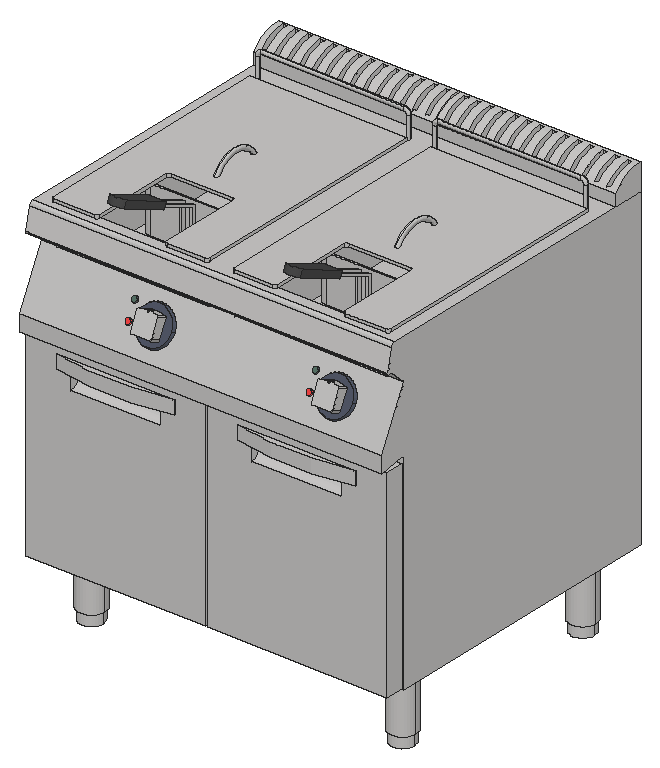
Revit family "QF_ZANUSSI_372078_Z7FREH2BF0", category Specialty Equipment, Revit 2018
Family settings
  Round Connector Dimension = Use Diameter
  Part Type = Normal
  Work Plane-Based = No
  Always vertical = Yes
  Cut with Voids When Loaded = No
  Shared = No
  Room Calculation Point = No
Parameters
  Width = 800 mm  # constant formula
  Weight in Pounds = 132  # constant formula
  Weight = 0.00 kg
  Watts = 10800 W  # constant formula
  Volts = 400 V  # constant formula
  URL Manufacturer = "http://www.zanussiprofessional.com"
  URL Cutsheet = "www.electrolux.com/foodservice"
  URL = "http://www.zanussiprofessional.com"
  Type Mark [instance] = ""
  Steam Supply Size = 0"
  Steam Supply Minimum Pressure = 0.00 psi
  Steam Supply Maximum Pressure = 0.00 psi
  Steam Pounds per Hour = 0
  Status [instance] = ""
  Specification by User [instance] = ""
  Specification by Manufacturer = ""
  Show Logo [instance] = yes
  Show Clearance [instance] = yes
  Serial Number = ""
  Seismic Rating = ""
  SMACNA No = ""
  Revision Code [instance] = ""
  Refrigeration Suction Line Size = 0"
  Refrigeration Liquid Line Size = 0"
  Refrigerant Compressor Remote = yes
  Phase = 3  # constant formula
  Omniclass Number and Title = ""
  Number of Poles [instance] = 1
  NAFEM Spec ID Number = ""
  Model = "Z7FREH2BF0"
  Min Ckt Ampacity = 0 A
  Max Overcurrent Protection = 0 A
  Masterspec = ""
  Manufacturer = "Zanussi"
  Length Actual = 800 mm  # constant formula
  Item Number [instance] = "372078"
  Installed By [instance] = ""
  Identify Quantity as Lot [instance] = yes
  Hot Water Size = 0"
  Height Actual = 850 mm  # constant formula
  Height = 333 mm  # constant formula
  HP = "14.5 HP"
  Gas Size = 0"
  Gas KW = 0
  Gas Input Pressure = 0.0 Btu/h
  Furnished By [instance] = ""
  Foodservice Equipment Identifier [instance] = yes
  FL Amps = if(Phase = 3, Watts / (Volts * 1.73), Watts / Volts)  # 15.6069 A
  Electrical Remarks [instance] = "400 V/3N ph/50/60 Hz"  # constant formula
  Electric Connection Type [instance] = ""
  Elec Conn RI Height [instance] = 0 mm
  Elec Conn Connection Height [instance] = 0 mm
  Direct Waste Size = 0"
  Description = "2X7 LITRE ELECTRIC FRYER 800 MM"
  Depth Actual = 700 mm  # constant formula
  Depth = 715 mm  # constant formula
  Cycle = if([60 Hertz Option], 60 Hz, 50 Hz)  # 60 Hz
  Conn Plug = ""
  Conn Conduit = yes
  Condensate Return Size = 0"
  Compressed Air Volume = 0 GPM
  Compressed Air Size = 0"
  Compressed Air Pressure = 0.00 psi
  Cold Water Size = 0"
  CSI MasterFormat = ""
  CSI Master Format = ""
  Base Height [instance] = 150 mm  # constant formula
  Apparent Power = if(Phase = 3, Volts * FL Amps * 1.73, Volts * FL Amps)  # 10800 VA
  Accessory = yes
  60 Hertz Option = not([50 Hertz Option])  # yes
  50 Hertz Option = no
Reference planes
  plane 1 "BACK": y = 0
  plane 2: z = 0
  plane 3 "LEFT": x = 0
  plane 4 "RIGHT": x = 800
  plane 5 "FRONT": y = -715
  plane 6 "TOP": z = 908
  plane 7 "Center Y": x = 400
  plane 8 "Center X": y = -357.5
  plane 9 "BASE": z = 600
  plane 10 "TOP A": z = 850
  plane 11: y = -597.884
  plane 12: y = -147.637
  plane 13: z = 938
  plane 14: z = 150
Forms (mm)
  Extrusion 1, solid, material "QF_Finishes_Stainless Steel"
    sketch origin (0, 0, 0) x (0, 1, 0) y (0, 0, 1)
      loop
        line (0, 850) -> (-679.358, 850)
        arc (-679.358, 850) -> (-684.643, 847.811) -> (-686.833, 842.526) r 7.474
        line (-686.833, 842.526) -> (-699.884, 797.011)
        arc (-699.884, 797.011) -> (-699.396, 794.379) -> (-697, 793.184) r 3
        line (-697, 793.184) -> (-686.802, 793.184) -> (-654.982, 761.364) -> (-715, 640.508) -> (-715, 605.508) -> (-658.645, 613.428)
        arc (-658.645, 613.428) -> (-656.101, 612.674) -> (-655, 610.259) r 3.2
        line (-655, 610.259) -> (-655, 150) -> (0, 150) -> (0, 850)
      loop
        line (-700, 600) -> (-700, 155) -> (-660, 155) -> (-660, 600) -> (-700, 600)
    from 0 to 800
  Extrusion 2, solid, material "QF_Finishes_Stainless Steel"
    sketch origin (0, 0, 0) x (0, 1, 0) y (0, 0, 1)
      loop
        line (0, 850) -> (0, 908)
        arc (0, 908) -> (-38.715, 899.821) -> (-69.85, 875.4) r 87.358
        line (-69.85, 875.4) -> (-69.85, 850) -> (0, 850)
    from 0 to 800
  Extrusion 3, void
    sketch origin (0, 0, 850) x (-1, 0, 0) y (0, -1, 0)
      loop
        line (-33.338, 147.762) -> (-33.338, 655.762) -> (-373.012, 655.762) -> (-373.012, 147.762) -> (-33.338, 147.762)
      loop
        line (-766.662, 655.762) -> (-766.662, 147.762) -> (-426.988, 147.762) -> (-426.988, 655.762) -> (-766.662, 655.762)
    from 0 to -152.4
  Extrusion 4, void
    sketch origin (0, 0, 850) x (-1, 0, 0) y (0, -1, 0)
      loop
        line (-13.453, 6.761) -> (-13.453, 63.911) -> (-22.749, 63.911) -> (-22.749, 6.761) -> (-13.453, 6.761)
    from 25.4 to 63.5
  Extrusion 5, solid, material "QF_Finishes_Clearance", visible <- "Show Clearance", detail levels coarse
    sketch origin (0, 0, 0) x (1, 0, 0) y (0, 1, 0)
      loop
        line (0, -715) -> (0, 0) -> (800, 0) -> (800, -715) -> (950.019, -715) -> (950.019, 150.019) -> (-150.019, 150.019) -> (-150.019, -715) -> (0, -715)
    from 0 to 908
  Extrusion 6, solid, material "QF_Finishes_Stainless Steel"
    sketch origin (-77.88, -4572, 850) x (-1, 0, 0) y (0, -1, 0)
      loop
        arc (-104.867, -3916.238) -> (-106.727, -3911.748) -> (-111.217, -3909.888) r 6.35
        line (-111.217, -3909.888) -> (-200.117, -3909.888)
        arc (-200.117, -3909.888) -> (-204.607, -3911.748) -> (-206.467, -3916.238) r 6.35
        line (-206.467, -3916.238) -> (-206.467, -4098.488)
        arc (-206.467, -4098.488) -> (-208.327, -4102.979) -> (-212.817, -4104.838) r 6.35
        line (-212.817, -4104.838) -> (-349.292, -4104.838)
        arc (-349.292, -4104.838) -> (-353.782, -4102.979) -> (-355.642, -4098.488) r 6.35
        line (-355.642, -4098.488) -> (-355.642, -3916.238)
        arc (-355.642, -3916.238) -> (-357.502, -3911.748) -> (-361.992, -3909.888) r 6.35
        line (-361.992, -3909.888) -> (-444.542, -3909.888)
        arc (-444.542, -3909.888) -> (-449.032, -3911.748) -> (-450.892, -3916.238) r 6.35
        line (-450.892, -3916.238) -> (-450.892, -4459.163) -> (-104.867, -4459.163) -> (-104.867, -3916.238)
      loop
        line (-850.892, -3916.238) -> (-850.892, -4459.163) -> (-504.867, -4459.163) -> (-504.867, -3916.238)
        arc (-504.867, -3916.238) -> (-506.727, -3911.748) -> (-511.217, -3909.888) r 6.35
        line (-511.217, -3909.888) -> (-593.767, -3909.888)
        arc (-593.767, -3909.888) -> (-598.257, -3911.748) -> (-600.117, -3916.238) r 6.35
        line (-600.117, -3916.238) -> (-600.117, -4098.488)
        arc (-600.117, -4098.488) -> (-601.977, -4102.979) -> (-606.467, -4104.838) r 6.35
        line (-606.467, -4104.838) -> (-742.942, -4104.838)
        arc (-742.942, -4104.838) -> (-747.432, -4102.979) -> (-749.292, -4098.488) r 6.35
        line (-749.292, -4098.488) -> (-749.292, -3916.238)
        arc (-749.292, -3916.238) -> (-751.152, -3911.748) -> (-755.642, -3909.888) r 6.35
        line (-755.642, -3909.888) -> (-844.542, -3909.888)
        arc (-844.542, -3909.888) -> (-849.032, -3911.748) -> (-850.892, -3916.238) r 6.35
    from 0 to 6.35
  Sweep 7, solid, material "QF_Finishes_Stainless Steel"
    path origin (0, 36.513, 0) x (1, 0, 0) y (0, 0, 1)
      loop
        line (39.688, 850) -> (39.688, 898.475)
        arc (39.688, 898.475) -> (41.547, 902.965) -> (46.038, 904.825) r 6.35
        line (46.038, 904.825) -> (362.669, 904.825)
        arc (362.669, 904.825) -> (367.16, 902.965) -> (369.019, 898.475) r 6.35
        line (369.019, 898.475) -> (369.019, 850)
    profile origin (39.688, 36.513, 874.238) x (-1, 0, 0) y (0, -1, 0)
      loop
        circle (2.09, 140.754) r 3.827
  Extrusion 8, solid, material "QF_Finishes_Black"
    sketch origin (271.462, -708.83, 942.26) x (0, 0.906308, -0.422618) y (-1, 0, 0)
      loop
        line (10.103, 47.37) -> (128.716, 47.37) -> (128.716, 84.605) -> (10.103, 84.605)
        arc (10.103, 84.605) -> (-0.124, 65.987) -> (10.103, 47.37) r 22.059
    from -15.884 to 0
  Extrusion 9, solid, material "QF_Finishes_Stainless Steel"
    sketch origin (271.463, 41.275, 0) x (0, 1, 0) y (0, 0, 1)
      loop
        line (-547.91, 741) -> (-547.91, 842.478) -> (-635.463, 883.305) -> (-638.147, 877.55) -> (-554.26, 838.433) -> (-554.26, 741) -> (-547.91, 741)
    from -80.476 to -74.619
  Extrusion 10, solid, material "QF_Finishes_Stainless Steel"
    sketch origin (139.588, 41.275, 0) x (0, 1, 0) y (0, 0, -1)
      loop
        line (-554.26, -838.433) -> (-638.147, -877.55) -> (-635.463, -883.305) -> (-547.91, -842.478) -> (-547.91, -741) -> (-554.26, -741) -> (-554.26, -838.433)
    from -80.476 to -74.619
  Sweep 11, solid, material "QF_Finishes_Stainless Steel"
    path origin (200.025, -0.124, 0) x (0, 1, 0) y (0, 0, 1)
      loop
        arc (-315.761, 850) -> (-370.2, 883.779) -> (-424.639, 850) r 60.757
    profile origin (200.025, -370.324, 883.779) x (0, 0, -1) y (1, 0, 0)
      loop
        circle (0, 0) r 4.353
  Sweep 12, solid, material "QF_Finishes_Stainless Steel"
    path origin (600.075, -0.124, 0) x (0, 1, 0) y (0, 0, -1)
      loop
        arc (-315.761, -850) -> (-370.2, -883.779) -> (-424.639, -850) r 60.757
    profile origin (600.075, -370.324, 883.779) x (0, 0, 1) y (-1, 0, 0)
      loop
        circle (0, 0) r 4.353
  Extrusion 13, solid, material "QF_Finishes_Black"
    sketch origin (528.637, -708.83, 942.26) x (0, 0.906308, -0.422618) y (-1, 0, 0)
      loop
        arc (10.103, -47.27) -> (-0.124, -65.887) -> (10.103, -84.505) r 22.059
        line (10.103, -84.505) -> (128.716, -84.505) -> (128.716, -47.27) -> (10.103, -47.27)
    from -15.884 to 0
  Extrusion 14, solid, material "QF_Finishes_Mesh"
    sketch origin (0, 0, 850) x (-1, 0, 0) y (0, -1, 0)
      loop
        arc (-116.625, 189.135) -> (-98.665, 196.575) -> (-91.225, 214.535) r 25.4
        line (-91.225, 214.535) -> (-91.225, 473.61)
        arc (-91.225, 473.61) -> (-98.665, 491.571) -> (-116.625, 499.01) r 25.4
        line (-116.625, 499.01) -> (-294.375, 499.01)
        arc (-294.375, 499.01) -> (-312.336, 491.571) -> (-319.775, 473.61) r 25.4
        line (-319.775, 473.61) -> (-319.775, 214.535)
        arc (-319.775, 214.535) -> (-312.336, 196.575) -> (-294.375, 189.135) r 25.4
        line (-294.375, 189.135) -> (-116.625, 189.135)
      loop
        arc (-116.625, 192.31) -> (-100.91, 198.82) -> (-94.4, 214.535) r 22.225
        line (-94.4, 214.535) -> (-94.4, 473.61)
        arc (-94.4, 473.61) -> (-100.91, 489.326) -> (-116.625, 495.835) r 22.225
        line (-116.625, 495.835) -> (-294.375, 495.835)
        arc (-294.375, 495.835) -> (-310.091, 489.326) -> (-316.6, 473.61) r 22.225
        line (-316.6, 473.61) -> (-316.6, 214.535)
        arc (-316.6, 214.535) -> (-310.091, 198.82) -> (-294.375, 192.31) r 22.225
        line (-294.375, 192.31) -> (-116.625, 192.31)
      loop
        line (-683.375, 189.135) -> (-505.625, 189.135)
        arc (-505.625, 189.135) -> (-487.664, 196.575) -> (-480.225, 214.535) r 25.4
        line (-480.225, 214.535) -> (-480.225, 473.61)
        arc (-480.225, 473.61) -> (-487.664, 491.571) -> (-505.625, 499.01) r 25.4
        line (-505.625, 499.01) -> (-683.375, 499.01)
        arc (-683.375, 499.01) -> (-701.335, 491.571) -> (-708.775, 473.61) r 25.4
        line (-708.775, 473.61) -> (-708.775, 214.535)
        arc (-708.775, 214.535) -> (-701.335, 196.575) -> (-683.375, 189.135) r 25.4
      loop
        line (-683.375, 192.31) -> (-505.625, 192.31)
        arc (-505.625, 192.31) -> (-489.909, 198.82) -> (-483.4, 214.535) r 22.225
        line (-483.4, 214.535) -> (-483.4, 473.61)
        arc (-483.4, 473.61) -> (-489.909, 489.326) -> (-505.625, 495.835) r 22.225
        line (-505.625, 495.835) -> (-683.375, 495.835)
        arc (-683.375, 495.835) -> (-699.09, 489.326) -> (-705.6, 473.61) r 22.225
        line (-705.6, 473.61) -> (-705.6, 214.535)
        arc (-705.6, 214.535) -> (-699.09, 198.82) -> (-683.375, 192.31) r 22.225
    from -109 to -5.315
  Extrusion 15, solid, material "QF_Finishes_Stainless Steel"
    sketch origin (528.637, 41.275, 0) x (0, 1, 0) y (0, 0, -1)
      loop
        line (-547.91, -741) -> (-554.26, -741) -> (-554.26, -838.433) -> (-638.147, -877.55) -> (-635.463, -883.305) -> (-547.91, -842.478) -> (-547.91, -741)
    from -80.476 to -74.619
  Extrusion 16, solid, material "QF_Finishes_Stainless Steel"
    sketch origin (660.512, 41.275, 0) x (0, 1, 0) y (0, 0, 1)
      loop
        line (-554.26, 838.433) -> (-554.26, 741) -> (-547.91, 741) -> (-547.91, 842.478) -> (-635.463, 883.305) -> (-638.147, 877.55) -> (-554.26, 838.433)
    from -80.476 to -74.619
  Sweep 17, solid, material "QF_Finishes_Stainless Steel"
    path origin (800.1, 36.513, 0) x (-1, 0, 0) y (0, 0, -1)
      loop
        line (39.788, -850) -> (39.788, -898.475)
        arc (39.788, -898.475) -> (41.647, -902.965) -> (46.138, -904.825) r 6.35
        line (46.138, -904.825) -> (362.769, -904.825)
        arc (362.769, -904.825) -> (367.26, -902.965) -> (369.119, -898.475) r 6.35
        line (369.119, -898.475) -> (369.119, -850)
    profile origin (760.312, 36.513, 874.238) x (-1, 0, 0) y (0, -1, 0)
      loop
        circle (-2.09, 140.754) r 3.827
  Extrusion 18, void
    sketch origin (361.95, 0, 850) x (-1, 0, 0) y (0, -1, 0)
      loop
        line (-13.403, 6.761) -> (-13.403, 63.911) -> (-22.699, 63.911) -> (-22.699, 6.761) -> (-13.403, 6.761)
    from 25.4 to 63.5
  Extrusion 19, void
    sketch origin (27.842, 0, 850) x (-1, 0, 0) y (0, -1, 0)
      loop
        line (-13.453, 6.761) -> (-13.453, 63.911) -> (-22.749, 63.911) -> (-22.749, 6.761) -> (-13.453, 6.761)
    from 25.4 to 63.5
  Extrusion 20, void
    sketch origin (55.685, 0, 850) x (-1, 0, 0) y (0, -1, 0)
      loop
        line (-13.453, 6.761) -> (-13.453, 63.911) -> (-22.749, 63.911) -> (-22.749, 6.761) -> (-13.453, 6.761)
    from 25.4 to 63.5
  Extrusion 21, void
    sketch origin (83.527, 0, 850) x (-1, 0, 0) y (0, -1, 0)
      loop
        line (-13.453, 6.761) -> (-13.453, 63.911) -> (-22.749, 63.911) -> (-22.749, 6.761) -> (-13.453, 6.761)
    from 25.4 to 63.5
  Extrusion 22, void
    sketch origin (111.369, 0, 850) x (-1, 0, 0) y (0, -1, 0)
      loop
        line (-13.453, 6.761) -> (-13.453, 63.911) -> (-22.749, 63.911) -> (-22.749, 6.761) -> (-13.453, 6.761)
    from 25.4 to 63.5
  Extrusion 23, void
    sketch origin (139.212, 0, 850) x (-1, 0, 0) y (0, -1, 0)
      loop
        line (-13.453, 6.761) -> (-13.453, 63.911) -> (-22.749, 63.911) -> (-22.749, 6.761) -> (-13.453, 6.761)
    from 25.4 to 63.5
  Extrusion 24, void
    sketch origin (167.054, 0, 850) x (-1, 0, 0) y (0, -1, 0)
      loop
        line (-13.453, 6.761) -> (-13.453, 63.911) -> (-22.749, 63.911) -> (-22.749, 6.761) -> (-13.453, 6.761)
    from 25.4 to 63.5
  Extrusion 25, void
    sketch origin (194.896, 0, 850) x (-1, 0, 0) y (0, -1, 0)
      loop
        line (-13.403, 6.761) -> (-13.403, 63.911) -> (-22.699, 63.911) -> (-22.699, 6.761) -> (-13.403, 6.761)
    from 25.4 to 63.5
  Extrusion 26, void
    sketch origin (222.738, 0, 850) x (-1, 0, 0) y (0, -1, 0)
      loop
        line (-13.403, 6.761) -> (-13.403, 63.911) -> (-22.699, 63.911) -> (-22.699, 6.761) -> (-13.403, 6.761)
    from 25.4 to 63.5
  Extrusion 27, void
    sketch origin (250.581, 0, 850) x (-1, 0, 0) y (0, -1, 0)
      loop
        line (-13.403, 6.761) -> (-13.403, 63.911) -> (-22.699, 63.911) -> (-22.699, 6.761) -> (-13.403, 6.761)
    from 25.4 to 63.5
  Extrusion 28, void
    sketch origin (278.423, 0, 850) x (-1, 0, 0) y (0, -1, 0)
      loop
        line (-13.403, 6.761) -> (-13.403, 63.911) -> (-22.699, 63.911) -> (-22.699, 6.761) -> (-13.403, 6.761)
    from 25.4 to 63.5
  Extrusion 29, void
    sketch origin (306.265, 0, 850) x (-1, 0, 0) y (0, -1, 0)
      loop
        line (-13.403, 6.761) -> (-13.403, 63.911) -> (-22.699, 63.911) -> (-22.699, 6.761) -> (-13.403, 6.761)
    from 25.4 to 63.5
  Extrusion 30, void
    sketch origin (334.108, 0, 850) x (-1, 0, 0) y (0, -1, 0)
      loop
        line (-13.403, 6.761) -> (-13.403, 63.911) -> (-22.699, 63.911) -> (-22.699, 6.761) -> (-13.403, 6.761)
    from 25.4 to 63.5
  Extrusion 31, void
    sketch origin (800.1, 0, 850) x (1, 0, 0) y (0, 1, 0)
      loop
        line (-13.553, -6.761) -> (-22.849, -6.761) -> (-22.849, -63.911) -> (-13.553, -63.911) -> (-13.553, -6.761)
    from 25.4 to 63.5
  Extrusion 32, void
    sketch origin (438.15, 0, 850) x (1, 0, 0) y (0, 1, 0)
      loop
        line (-13.503, -6.761) -> (-22.799, -6.761) -> (-22.799, -63.911) -> (-13.503, -63.911) -> (-13.503, -6.761)
    from 25.4 to 63.5
  Extrusion 33, void
    sketch origin (772.258, 0, 850) x (1, 0, 0) y (0, 1, 0)
      loop
        line (-13.553, -6.761) -> (-22.849, -6.761) -> (-22.849, -63.911) -> (-13.553, -63.911) -> (-13.553, -6.761)
    from 25.4 to 63.5
  Extrusion 34, void
    sketch origin (744.415, 0, 850) x (1, 0, 0) y (0, 1, 0)
      loop
        line (-13.553, -6.761) -> (-22.849, -6.761) -> (-22.849, -63.911) -> (-13.553, -63.911) -> (-13.553, -6.761)
    from 25.4 to 63.5
  Extrusion 35, void
    sketch origin (716.573, 0, 850) x (1, 0, 0) y (0, 1, 0)
      loop
        line (-13.553, -6.761) -> (-22.849, -6.761) -> (-22.849, -63.911) -> (-13.553, -63.911) -> (-13.553, -6.761)
    from 25.4 to 63.5
  Extrusion 36, void
    sketch origin (688.731, 0, 850) x (1, 0, 0) y (0, 1, 0)
      loop
        line (-13.553, -6.761) -> (-22.849, -6.761) -> (-22.849, -63.911) -> (-13.553, -63.911) -> (-13.553, -6.761)
    from 25.4 to 63.5
  Extrusion 37, void
    sketch origin (660.888, 0, 850) x (1, 0, 0) y (0, 1, 0)
      loop
        line (-13.553, -6.761) -> (-22.849, -6.761) -> (-22.849, -63.911) -> (-13.553, -63.911) -> (-13.553, -6.761)
    from 25.4 to 63.5
  Extrusion 38, void
    sketch origin (633.046, 0, 850) x (1, 0, 0) y (0, 1, 0)
      loop
        line (-13.553, -6.761) -> (-22.849, -6.761) -> (-22.849, -63.911) -> (-13.553, -63.911) -> (-13.553, -6.761)
    from 25.4 to 63.5
  Extrusion 39, void
    sketch origin (605.204, 0, 850) x (1, 0, 0) y (0, 1, 0)
      loop
        line (-13.503, -6.761) -> (-22.799, -6.761) -> (-22.799, -63.911) -> (-13.503, -63.911) -> (-13.503, -6.761)
    from 25.4 to 63.5
  Extrusion 40, void
    sketch origin (577.362, 0, 850) x (1, 0, 0) y (0, 1, 0)
      loop
        line (-13.503, -6.761) -> (-22.799, -6.761) -> (-22.799, -63.911) -> (-13.503, -63.911) -> (-13.503, -6.761)
    from 25.4 to 63.5
  Extrusion 41, void
    sketch origin (549.519, 0, 850) x (1, 0, 0) y (0, 1, 0)
      loop
        line (-13.503, -6.761) -> (-22.799, -6.761) -> (-22.799, -63.911) -> (-13.503, -63.911) -> (-13.503, -6.761)
    from 25.4 to 63.5
  Extrusion 42, void
    sketch origin (521.677, 0, 850) x (1, 0, 0) y (0, 1, 0)
      loop
        line (-13.503, -6.761) -> (-22.799, -6.761) -> (-22.799, -63.911) -> (-13.503, -63.911) -> (-13.503, -6.761)
    from 25.4 to 63.5
  Extrusion 43, void
    sketch origin (493.835, 0, 850) x (1, 0, 0) y (0, 1, 0)
      loop
        line (-13.503, -6.761) -> (-22.799, -6.761) -> (-22.799, -63.911) -> (-13.503, -63.911) -> (-13.503, -6.761)
    from 25.4 to 63.5
  Extrusion 44, void
    sketch origin (465.992, 0, 850) x (1, 0, 0) y (0, 1, 0)
      loop
        line (-13.503, -6.761) -> (-22.799, -6.761) -> (-22.799, -63.911) -> (-13.503, -63.911) -> (-13.503, -6.761)
    from 25.4 to 63.5
  Extrusion 45, void
    sketch origin (418.151, 0, 850) x (1, 0, 0) y (0, 1, 0)
      loop
        line (-16.563, 0) -> (-19.738, 0) -> (-19.738, -69.85) -> (-16.563, -69.85) -> (-16.563, 0)
    from 25.4 to 63.5
  Revolve 46, solid, material "QF_Finishes_Stainless Steel"
    sketch origin (0, -587.387, 608.09) x (0, 0, 1) y (-1, 0, 0)
      loop
        line (-608.09, -56) -> (-458.09, -56) -> (-458.09, -26) -> (-583.09, -26) -> (-583.09, -29.75) -> (-608.09, -29.75) -> (-608.09, -56)
      axis (-608.09, -56) -> (-458.09, -56)
    angle from 0 to 360
  Revolve 47, solid, material "QF_Finishes_Stainless Steel"
    sketch origin (0, -90, 608.09) x (0, 0, 1) y (-1, 0, 0)
      loop
        line (-608.09, -56) -> (-458.09, -56) -> (-458.09, -26) -> (-583.09, -26) -> (-583.09, -29.75) -> (-608.09, -29.75) -> (-608.09, -56)
      axis (-608.09, -56) -> (-458.09, -56)
    angle from 0 to 360
  Revolve 48, solid, material "QF_Finishes_Stainless Steel"
    sketch origin (800.1, -587.387, 608.09) x (0, 0, 1) y (-1, 0, 0)
      loop
        line (-608.09, 56.1) -> (-608.09, 29.85) -> (-583.09, 29.85) -> (-583.09, 26.1) -> (-458.09, 26.1) -> (-458.09, 56.1) -> (-608.09, 56.1)
      axis (-608.09, 56.1) -> (-458.09, 56.1)
    angle from 0 to 360
  Revolve 49, solid, material "QF_Finishes_Stainless Steel"
    sketch origin (800.1, -90, 608.09) x (0, 0, 1) y (-1, 0, 0)
      loop
        line (-608.09, 56.1) -> (-608.09, 29.85) -> (-583.09, 29.85) -> (-583.09, 26.1) -> (-458.09, 26.1) -> (-458.09, 56.1) -> (-608.09, 56.1)
      axis (-608.09, 56.1) -> (-458.09, 56.1)
    angle from 0 to 360
  Extrusion 50, solid, material "QF_Finishes_Stainless Steel"
    sketch origin (-77.88, -4572, 600) x (-1, 0, 0) y (0, -1, 0)
      loop
        circle (-821.88, -4067) r 12.7
    from 0 to -12.7
  Extrusion 51, void
    sketch origin (200, -27.863, 0) x (0, 1, 0) y (0, 0, 1)
      loop
        line (-672.137, 567) -> (-672.137, 517)
        arc (-672.137, 517) -> (-656.47, 524.721) -> (-650.137, 541) r 24.091
        line (-650.137, 541) -> (-650.137, 567) -> (-672.137, 567)
    from -100 to 100
  Extrusion 52, solid, material "QF_Finishes_Stainless Steel"
    sketch origin (-77.88, -4572, 150) x (-1, 0, 0) y (0, -1, 0)
      loop
        arc (-147.606, -3871.085) -> (-277.88, -3857) -> (-408.153, -3871.085) r 609.497
        line (-408.153, -3871.085) -> (-408.153, -3872) -> (-147.606, -3872) -> (-147.606, -3871.085)
    from 400 to 430
  Extrusion 53, void
    sketch origin (600, -27.863, 0) x (0, 1, 0) y (0, 0, 1)
      loop
        line (-672.137, 567) -> (-672.137, 517)
        arc (-672.137, 517) -> (-656.47, 524.721) -> (-650.137, 541) r 24.091
        line (-650.137, 541) -> (-650.137, 567) -> (-672.137, 567)
    from -100 to 100
  Extrusion 54, solid, material "QF_Finishes_Stainless Steel"
    sketch origin (322.12, -4572, 150) x (-1, 0, 0) y (0, -1, 0)
      loop
        arc (-147.606, -3871.085) -> (-277.88, -3857) -> (-408.153, -3871.085) r 609.497
        line (-408.153, -3871.085) -> (-408.153, -3872) -> (-147.606, -3872) -> (-147.606, -3871.085)
    from 400 to 430
  Extrusion 55, solid, material "QF_Finishes_Door Clearance", visible <- "Show Clearance", detail levels coarse
    sketch origin (0, 0, 850) x (-1, 0, 0) y (0, -1, 0)
      loop
        arc (0, 1073) -> (-280.596, 964.46) -> (-397.87, 687.4) r 385.701
        line (-397.87, 687.4) -> (0, 687.4) -> (0, 1073)
      loop
        line (-800, 1073) -> (-800, 687.4) -> (-402.13, 687.4)
        arc (-402.13, 687.4) -> (-519.404, 964.46) -> (-800, 1073) r 385.701
    from -695 to -250
  Blend 56, solid, material "QF_Finishes_Navy Blue"
    base sketch origin (675, -684.991, 700.936) x (1, 0, 0) y (0, 0.444781, 0.895639)
      loop
        circle (0, 0) r 42.5
    top sketch origin (675, -684.991, 700.936) x (1, 0, 0) y (0, 0.444781, 0.895639)
      loop
        circle (0, 0) r 40.5
    from 0 to 5
  Extrusion 57, solid, material "QF_Finishes_Stainless Steel"
    sketch origin (675, -684.991, 700.936) x (1, 0, 0) y (0, 0.444781, 0.895639)
      loop
        arc (-21.147, 22.789) -> (-22.494, 21.685) -> (-23, 20.019) r 2.997
        line (-23, 20.019) -> (-23, -20.019)
        arc (-23, -20.019) -> (-22.122, -22.138) -> (-20.003, -23.016) r 2.997
        line (-20.003, -23.016) -> (20.003, -23.016)
        arc (20.003, -23.016) -> (22.122, -22.138) -> (23, -20.019) r 2.997
        line (23, -20.019) -> (23, 20.019)
        arc (23, 20.019) -> (22.494, 21.685) -> (21.147, 22.789) r 2.997
        arc (21.147, 22.789) -> (0, 26.984) -> (-21.147, 22.789) r 55.4
    from 10 to 34
  Extrusion 58, solid, material "QF_Finishes_Stainless Steel"
    sketch origin (675, -684.991, 700.936) x (1, 0, 0) y (0, 0.444781, 0.895639)
      loop
        line (17.5, 17.5) -> (-17.5, 17.5) -> (-17.5, -17.5) -> (17.5, -17.5) -> (17.5, 17.5)
    from 5 to 10
  Extrusion 59, solid, material "QF_Plastic-Black-Matte"
    sketch origin (595, -684.991, 700.936) x (0, 0.444781, 0.895639) y (0, 0.895639, -0.444781)
      loop
        line (26.984, -34) -> (23.984, -34) -> (23.984, -35) -> (26.984, -35)
        arc (26.984, -35) -> (27.691, -34.707) -> (27.984, -34) r 1
        line (27.984, -34) -> (27.984, -19) -> (26.984, -19) -> (26.984, -34)
    from -81 to -79
  Extrusion 60, solid, material "QF_Finishes_Red"
    sketch origin (675, -689.439, 691.98) x (1, 0, 0) y (0, 0.444781, 0.895639)
      loop
        circle (-55.001, 0) r 6
    from 0 to 1.6
  Extrusion 61, solid, material "QF_Finishes_DarkGreen"
    sketch origin (675, -671.648, 727.805) x (1, 0, 0) y (0, 0.444781, 0.895639)
      loop
        circle (-55.001, 0) r 6
    from 0 to 1.6
  Blend 62, solid, material "QF_Finishes_Navy Blue"
    base sketch origin (275, -684.991, 700.936) x (1, 0, 0) y (0, 0.444781, 0.895639)
      loop
        circle (0, 0) r 42.5
    top sketch origin (275, -684.991, 700.936) x (1, 0, 0) y (0, 0.444781, 0.895639)
      loop
        circle (0, 0) r 40.5
    from 0 to 5
  Extrusion 63, solid, material "QF_Finishes_Stainless Steel"
    sketch origin (275, -684.991, 700.936) x (1, 0, 0) y (0, 0.444781, 0.895639)
      loop
        arc (-21.147, 22.789) -> (-22.494, 21.685) -> (-23, 20.019) r 2.997
        line (-23, 20.019) -> (-23, -20.019)
        arc (-23, -20.019) -> (-22.122, -22.138) -> (-20.003, -23.016) r 2.997
        line (-20.003, -23.016) -> (20.003, -23.016)
        arc (20.003, -23.016) -> (22.122, -22.138) -> (23, -20.019) r 2.997
        line (23, -20.019) -> (23, 20.019)
        arc (23, 20.019) -> (22.494, 21.685) -> (21.147, 22.789) r 2.997
        arc (21.147, 22.789) -> (0, 26.984) -> (-21.147, 22.789) r 55.4
    from 10 to 34
  Extrusion 64, solid, material "QF_Finishes_Stainless Steel"
    sketch origin (275, -684.991, 700.936) x (1, 0, 0) y (0, 0.444781, 0.895639)
      loop
        line (17.5, 17.5) -> (-17.5, 17.5) -> (-17.5, -17.5) -> (17.5, -17.5) -> (17.5, 17.5)
    from 5 to 10
  Extrusion 65, solid, material "QF_Plastic-Black-Matte"
    sketch origin (195, -684.991, 700.936) x (0, 0.444781, 0.895639) y (0, 0.895639, -0.444781)
      loop
        line (26.984, -34) -> (23.984, -34) -> (23.984, -35) -> (26.984, -35)
        arc (26.984, -35) -> (27.691, -34.707) -> (27.984, -34) r 1
        line (27.984, -34) -> (27.984, -19) -> (26.984, -19) -> (26.984, -34)
    from -81 to -79
  Extrusion 66, solid, material "QF_Finishes_Red"
    sketch origin (275, -689.439, 691.98) x (1, 0, 0) y (0, 0.444781, 0.895639)
      loop
        circle (-55.001, 0) r 6
    from 0 to 1.6
  Extrusion 67, solid, material "QF_Finishes_DarkGreen"
    sketch origin (275, -671.648, 727.805) x (1, 0, 0) y (0, 0.444781, 0.895639)
      loop
        circle (-55.001, 0) r 6
    from 0 to 1.6
  Extrusion 68, void
    sketch origin (0, -660.4, 150) x (0, 0, 1) y (-1, 0, 0)
      loop
        line (450, -397.87) -> (5, -397.87) -> (5, -402.13) -> (450, -402.13) -> (450, -397.87)
    from -0.4 to 39.6
Cuts and joins
  Extrusion 3, Extrusion 4, Extrusion 51, Extrusion 53, Extrusion 68 cuts Extrusion 1
  Extrusion 4, Extrusion 18, Extrusion 19, Extrusion 20, Extrusion 21, Extrusion 22, Extrusion 23, Extrusion 24, Extrusion 25, Extrusion 26, Extrusion 27, Extrusion 28, Extrusion 29, Extrusion 30, Extrusion 31, Extrusion 32, Extrusion 33, Extrusion 34, Extrusion 35, Extrusion 36, Extrusion 37, Extrusion 38, Extrusion 39, Extrusion 40, Extrusion 41, Extrusion 42, Extrusion 43, Extrusion 44, Extrusion 45 cuts Extrusion 2
  joined: Extrusion 6, Sweep 11, Sweep 12
  Extrusion 18, Extrusion 19, Extrusion 20, Extrusion 21, Extrusion 22, Extrusion 23, Extrusion 24, Extrusion 25, Extrusion 26, Extrusion 27, Extrusion 28, Extrusion 29, Extrusion 30, Extrusion 31, Extrusion 32, Extrusion 33, Extrusion 34, Extrusion 35, Extrusion 36, Extrusion 37, Extrusion 38, Extrusion 39, Extrusion 40, Extrusion 41, Extrusion 42, Extrusion 43, Extrusion 44, Extrusion 45 cuts Extrusion 5
  Extrusion 68 cuts Extrusion 55
Lines and regions (mm)
  Split face 1
    outline origin (676.664, -684.796, 712.57) x (1, 0, 0) y (0, 0.444781, 0.895639)
      loop
        circle (-34, 0) r 1.5
  Split face 2
    outline origin (673.297, -687.581, 706.962) x (1, 0, 0) y (0, 0.444781, 0.895639)
      loop
        circle (-30.633, -14.752) r 1.5
  Split face 3
    outline origin (676.214, -689.88, 702.332) x (1, 0, 0) y (0, 0.444781, 0.895639)
      loop
        circle (-21.199, -26.582) r 1.5
  Split face 4
    outline origin (682.566, -689.848, 702.397) x (1, 0, 0) y (0, 0.444781, 0.895639)
      loop
        circle (-7.566, -33.148) r 1.5
  Split face 5
    outline origin (687.419, -686.96, 708.212) x (1, 0, 0) y (0, 0.444781, 0.895639)
      loop
        circle (7.566, -33.148) r 1.5
  Split face 6
    outline origin (686.137, -682.319, 717.558) x (1, 0, 0) y (0, 0.444781, 0.895639)
      loop
        circle (21.199, -26.582) r 1.5
  Split face 7
    outline origin (676.703, -678.235, 725.783) x (1, 0, 0) y (0, 0.444781, 0.895639)
      loop
        circle (30.633, -14.752) r 1.5
  Split face 8
    outline origin (660.985, -677.235, 727.796) x (1, 0, 0) y (0, 0.444781, 0.895639)
      loop
        circle (34, 0) r 1.5
  Split face 9
    outline origin (675, -689.469, 703.16) x (1, 0, 0) y (0, 0.444781, 0.895639)
      loop
        circle (0, 34) r 1.5
  Split face 10
    outline origin (276.664, -684.796, 712.57) x (1, 0, 0) y (0, 0.444781, 0.895639)
      loop
        circle (-34, 0) r 1.5
  Split face 11
    outline origin (273.297, -687.581, 706.962) x (1, 0, 0) y (0, 0.444781, 0.895639)
      loop
        circle (-30.633, -14.752) r 1.5
  Split face 12
    outline origin (276.214, -689.88, 702.332) x (1, 0, 0) y (0, 0.444781, 0.895639)
      loop
        circle (-21.199, -26.582) r 1.5
  Split face 13
    outline origin (282.566, -689.848, 702.397) x (1, 0, 0) y (0, 0.444781, 0.895639)
      loop
        circle (-7.566, -33.148) r 1.5
  Split face 14
    outline origin (287.419, -686.96, 708.212) x (1, 0, 0) y (0, 0.444781, 0.895639)
      loop
        circle (7.566, -33.148) r 1.5
  Split face 15
    outline origin (286.137, -682.319, 717.558) x (1, 0, 0) y (0, 0.444781, 0.895639)
      loop
        circle (21.199, -26.582) r 1.5
  Split face 16
    outline origin (276.703, -678.235, 725.783) x (1, 0, 0) y (0, 0.444781, 0.895639)
      loop
        circle (30.633, -14.752) r 1.5
  Split face 17
    outline origin (260.985, -677.235, 727.796) x (1, 0, 0) y (0, 0.444781, 0.895639)
      loop
        circle (34, 0) r 1.5
  Split face 18
    outline origin (275, -689.469, 703.16) x (1, 0, 0) y (0, 0.444781, 0.895639)
      loop
        circle (0, 34) r 1.5
  symbolic lines, style "QF-Clearances", visible <- "Show Clearance", detail levels coarse
    curve 1: line (-150.019, 150.019, 850) -> (-150.019, -716.377, 850)
    curve 2: line (950.019, 150.019, 850) -> (-150.019, 150.019, 850)
    curve 3: line (950.019, -716.377, 850) -> (950.019, 150.019, 850)
  symbolic lines
    curve 4: line (0, 0, 850) -> (800, 0, 850)
    curve 5: line (0, -715, 850) -> (0, 0, 850)
    curve 6: line (800, 0, 850) -> (800, -715, 850)
    curve 7: line (22.699, -6.761, 850) -> (22.699, -63.911, 850)
    curve 8: line (13.403, -63.911, 850) -> (13.403, -6.761, 850)
    curve 9: line (13.403, -6.761, 850) -> (22.699, -6.761, 850)
    curve 10: line (26.988, -112.837, 850) -> (26.988, -655.762, 850)
    curve 11: arc (26.988, -655.762, 850) -> (28.847, -660.252, 850) -> (33.338, -662.112, 850) r 6.35
    curve 12: line (33.338, -662.112, 850) -> (122.188, -662.112, 850)
    curve 13: arc (122.188, -662.112, 850) -> (126.678, -660.252, 850) -> (128.538, -655.762, 850) r 6.35
    curve 14: line (128.538, -655.762, 850) -> (128.538, -473.512, 850)
    curve 15: arc (128.538, -473.512, 850) -> (130.397, -469.021, 850) -> (134.888, -467.162, 850) r 6.35
    curve 16: line (134.888, -467.162, 850) -> (271.412, -467.162, 850)
    curve 17: arc (271.412, -467.162, 850) -> (275.903, -469.021, 850) -> (277.762, -473.512, 850) r 6.35
    curve 18: line (277.762, -473.512, 850) -> (277.762, -655.762, 850)
    curve 19: arc (277.762, -655.762, 850) -> (279.622, -660.252, 850) -> (284.112, -662.112, 850) r 6.35
    curve 20: line (284.112, -662.112, 850) -> (366.662, -662.112, 850)
    curve 21: arc (366.662, -662.112, 850) -> (371.153, -660.252, 850) -> (373.012, -655.762, 850) r 6.35
    curve 22: line (373.012, -655.762, 850) -> (373.012, -112.837, 850)
    curve 23: line (373.012, -112.837, 850) -> (26.988, -112.837, 850)
    curve 24: line (0, -69.85, 850) -> (398.412, -69.85, 850)
    curve 25: line (224.093, -706.386, 850) -> (224.093, -592.174, 850)
    curve 26: line (224.093, -592.174, 850) -> (186.858, -592.174, 850)
    curve 27: line (186.858, -592.174, 850) -> (186.858, -706.386, 850)
    curve 28: spline (224.093, -706.386, 850) -> (221.86, -709.048, 850) -> (219.17, -711.336, 850) -> (216.096, -713.185, 850) -> (212.725, -714.544, 850) -> (209.152, -715.375, 850) -> (205.475, -715.655, 850) -> (201.799, -715.375, 850) -> (198.225, -714.544, 850) -> (194.855, -713.185, 850) -> (191.781, -711.336, 850) -> (189.09, -709.048, 850) -> (186.858, -706.386, 850)
    curve 29: line (128.538, -655.762, 850) -> (186.858, -655.762, 850)
    curve 30: line (224.093, -655.762, 850) -> (277.762, -655.762, 850)
    curve 31: line (196.794, -499.01, 850) -> (196.794, -592.174, 850)
    curve 32: line (190.937, -592.174, 850) -> (190.937, -499.01, 850)
    curve 33: line (220.014, -499.01, 850) -> (220.014, -592.174, 850)
    curve 34: line (214.157, -592.174, 850) -> (214.157, -499.01, 850)
    curve 35: spline (186.858, -699.673, 850) -> (189.09, -702.336, 850) -> (191.781, -704.623, 850) -> (194.855, -706.473, 850) -> (198.225, -707.832, 850) -> (201.799, -708.663, 850) -> (205.475, -708.942, 850) -> (209.152, -708.663, 850) -> (212.725, -707.832, 850) -> (216.096, -706.473, 850) -> (219.17, -704.623, 850) -> (221.86, -702.336, 850) -> (224.093, -699.673, 850)
    curve 36: line (195.52, -420.932, 850) -> (195.52, -319.469, 850)
    curve 37: line (204.418, -319.469, 850) -> (204.418, -420.932, 850)
    curve 38: arc (195.52, -420.932, 850) -> (199.969, -425.382, 850) -> (204.418, -420.932, 850) r 4.449
    curve 39: arc (195.52, -319.469, 850) -> (199.969, -315.02, 850) -> (204.418, -319.469, 850) r 4.449
    curve 40: line (128.538, -495.835, 850) -> (277.762, -495.835, 850)
    curve 41: line (128.538, -499.01, 850) -> (277.762, -499.01, 850)
    curve 42: line (773.013, -112.837, 850) -> (773.013, -655.762, 850)
    curve 43: arc (773.013, -655.762, 850) -> (771.153, -660.252, 850) -> (766.663, -662.112, 850) r 6.35
    curve 44: line (766.663, -662.112, 850) -> (677.763, -662.112, 850)
    curve 45: arc (677.763, -662.112, 850) -> (673.272, -660.252, 850) -> (671.413, -655.762, 850) r 6.35
    curve 46: line (671.413, -655.762, 850) -> (671.413, -473.512, 850)
    curve 47: arc (671.413, -473.512, 850) -> (669.553, -469.021, 850) -> (665.063, -467.162, 850) r 6.35
    curve 48: line (665.063, -467.162, 850) -> (528.538, -467.162, 850)
    curve 49: arc (528.538, -467.162, 850) -> (524.047, -469.021, 850) -> (522.188, -473.512, 850) r 6.35
    curve 50: line (522.188, -473.512, 850) -> (522.188, -655.762, 850)
    curve 51: arc (522.188, -655.762, 850) -> (520.328, -660.252, 850) -> (515.838, -662.112, 850) r 6.35
    curve 52: line (515.838, -662.112, 850) -> (433.338, -662.112, 850)
    curve 53: arc (433.338, -662.112, 850) -> (428.847, -660.252, 850) -> (426.988, -655.762, 850) r 6.35
    curve 54: line (426.988, -655.762, 850) -> (426.988, -112.837, 850)
    curve 55: line (426.988, -112.837, 850) -> (773.013, -112.837, 850)
    curve 56: line (575.857, -706.386, 850) -> (575.857, -592.174, 850)
    curve 57: line (575.857, -592.174, 850) -> (613.092, -592.174, 850)
    curve 58: line (613.092, -592.174, 850) -> (613.092, -706.386, 850)
    curve 59: spline (575.857, -706.386, 850) -> (578.09, -709.048, 850) -> (580.78, -711.336, 850) -> (583.854, -713.185, 850) -> (587.225, -714.544, 850) -> (590.798, -715.375, 850) -> (594.475, -715.655, 850) -> (598.151, -715.375, 850) -> (601.725, -714.544, 850) -> (605.095, -713.185, 850) -> (608.169, -711.336, 850) -> (610.86, -709.048, 850) -> (613.092, -706.386, 850)
    curve 60: line (671.413, -655.762, 850) -> (613.092, -655.762, 850)
    curve 61: line (575.857, -655.762, 850) -> (522.188, -655.762, 850)
    curve 62: line (603.156, -499.01, 850) -> (603.156, -592.174, 850)
    curve 63: line (609.013, -592.174, 850) -> (609.013, -499.01, 850)
    curve 64: line (579.936, -499.01, 850) -> (579.936, -592.174, 850)
    curve 65: line (585.793, -592.174, 850) -> (585.793, -499.01, 850)
    curve 66: spline (613.092, -699.673, 850) -> (610.86, -702.336, 850) -> (608.169, -704.623, 850) -> (605.095, -706.473, 850) -> (601.725, -707.832, 850) -> (598.151, -708.663, 850) -> (594.475, -708.942, 850) -> (590.798, -708.663, 850) -> (587.225, -707.832, 850) -> (583.854, -706.473, 850) -> (580.78, -704.623, 850) -> (578.09, -702.336, 850) -> (575.857, -699.673, 850)
    curve 67: line (604.43, -420.932, 850) -> (604.43, -319.469, 850)
    curve 68: line (595.532, -319.469, 850) -> (595.532, -420.932, 850)
    curve 69: arc (604.43, -420.932, 850) -> (599.981, -425.382, 850) -> (595.532, -420.932, 850) r 4.449
    curve 70: arc (604.43, -319.469, 850) -> (599.981, -315.02, 850) -> (595.532, -319.469, 850) r 4.449
    curve 71: line (671.413, -495.835, 850) -> (522.188, -495.835, 850)
    curve 72: line (671.413, -499.01, 850) -> (522.188, -499.01, 850)
    curve 73: line (37.598, -100.414, 850) -> (371.109, -100.414, 850)
    curve 74: line (37.598, -108.069, 850) -> (37.598, -100.414, 850)
    curve 75: line (371.109, -108.069, 850) -> (37.598, -108.069, 850)
    curve 76: line (371.109, -100.414, 850) -> (371.109, -108.069, 850)
    curve 77: line (428.891, -100.414, 850) -> (762.402, -100.414, 850)
    curve 78: line (428.891, -108.069, 850) -> (428.891, -100.414, 850)
    curve 79: line (762.402, -108.069, 850) -> (428.891, -108.069, 850)
    curve 80: line (762.402, -100.414, 850) -> (762.402, -108.069, 850)
    curve 81: line (384.649, -6.761, 850) -> (384.649, -63.911, 850)
    curve 82: line (375.353, -63.911, 850) -> (375.353, -6.761, 850)
    curve 83: line (375.353, -6.761, 850) -> (384.649, -6.761, 850)
    curve 84: line (50.541, -6.761, 850) -> (50.541, -63.911, 850)
    curve 85: line (41.245, -63.911, 850) -> (41.245, -6.761, 850)
    curve 86: line (41.245, -6.761, 850) -> (50.541, -6.761, 850)
    curve 87: line (78.383, -6.761, 850) -> (78.383, -63.911, 850)
    curve 88: line (69.087, -63.911, 850) -> (69.087, -6.761, 850)
    curve 89: line (69.087, -6.761, 850) -> (78.383, -6.761, 850)
    curve 90: line (106.225, -6.761, 850) -> (106.225, -63.911, 850)
    curve 91: line (96.93, -63.911, 850) -> (96.93, -6.761, 850)
    curve 92: line (96.93, -6.761, 850) -> (106.225, -6.761, 850)
    curve 93: line (134.068, -6.761, 850) -> (134.068, -63.911, 850)
    curve 94: line (124.772, -63.911, 850) -> (124.772, -6.761, 850)
    curve 95: line (124.772, -6.761, 850) -> (134.068, -6.761, 850)
    curve 96: line (161.91, -6.761, 850) -> (161.91, -63.911, 850)
    curve 97: line (152.614, -63.911, 850) -> (152.614, -6.761, 850)
    curve 98: line (152.614, -6.761, 850) -> (161.91, -6.761, 850)
    curve 99: line (189.752, -6.761, 850) -> (189.752, -63.911, 850)
    curve 100: line (180.457, -63.911, 850) -> (180.457, -6.761, 850)
    curve 101: line (180.457, -6.761, 850) -> (189.752, -6.761, 850)
    curve 102: line (217.595, -6.761, 850) -> (217.595, -63.911, 850)
    curve 103: line (208.299, -63.911, 850) -> (208.299, -6.761, 850)
    curve 104: line (208.299, -6.761, 850) -> (217.595, -6.761, 850)
    curve 105: line (245.437, -6.761, 850) -> (245.437, -63.911, 850)
    curve 106: line (236.141, -63.911, 850) -> (236.141, -6.761, 850)
    curve 107: line (236.141, -6.761, 850) -> (245.437, -6.761, 850)
    curve 108: line (273.279, -6.761, 850) -> (273.279, -63.911, 850)
    curve 109: line (263.984, -63.911, 850) -> (263.984, -6.761, 850)
    curve 110: line (263.984, -6.761, 850) -> (273.279, -6.761, 850)
    curve 111: line (301.122, -6.761, 850) -> (301.122, -63.911, 850)
    curve 112: line (291.826, -63.911, 850) -> (291.826, -6.761, 850)
    curve 113: line (291.826, -6.761, 850) -> (301.122, -6.761, 850)
    curve 114: line (328.964, -6.761, 850) -> (328.964, -63.911, 850)
    curve 115: line (319.668, -63.911, 850) -> (319.668, -6.761, 850)
    curve 116: line (319.668, -6.761, 850) -> (328.964, -6.761, 850)
    curve 117: line (356.806, -6.761, 850) -> (356.806, -63.911, 850)
    curve 118: line (347.511, -63.911, 850) -> (347.511, -6.761, 850)
    curve 119: line (347.511, -6.761, 850) -> (356.806, -6.761, 850)
    curve 120: line (777.251, -6.761, 850) -> (777.251, -63.911, 850)
    curve 121: line (786.547, -63.911, 850) -> (786.547, -6.761, 850)
    curve 122: line (786.547, -6.761, 850) -> (777.251, -6.761, 850)
    curve 123: line (415.301, -6.761, 850) -> (415.301, -63.911, 850)
    curve 124: line (424.597, -63.911, 850) -> (424.597, -6.761, 850)
    curve 125: line (424.597, -6.761, 850) -> (415.301, -6.761, 850)
    curve 126: line (749.409, -6.761, 850) -> (749.409, -63.911, 850)
    curve 127: line (758.705, -63.911, 850) -> (758.705, -6.761, 850)
    curve 128: line (758.705, -6.761, 850) -> (749.409, -6.761, 850)
    curve 129: line (721.567, -6.761, 850) -> (721.567, -63.911, 850)
    curve 130: line (730.863, -63.911, 850) -> (730.863, -6.761, 850)
    curve 131: line (730.863, -6.761, 850) -> (721.567, -6.761, 850)
    curve 132: line (693.725, -6.761, 850) -> (693.725, -63.911, 850)
    curve 133: line (703.02, -63.911, 850) -> (703.02, -6.761, 850)
    curve 134: line (703.02, -6.761, 850) -> (693.725, -6.761, 850)
    curve 135: line (665.882, -6.761, 850) -> (665.882, -63.911, 850)
    curve 136: line (675.178, -63.911, 850) -> (675.178, -6.761, 850)
    curve 137: line (675.178, -6.761, 850) -> (665.882, -6.761, 850)
    curve 138: line (638.04, -6.761, 850) -> (638.04, -63.911, 850)
    curve 139: line (647.336, -63.911, 850) -> (647.336, -6.761, 850)
    curve 140: line (647.336, -6.761, 850) -> (638.04, -6.761, 850)
    curve 141: line (610.198, -6.761, 850) -> (610.198, -63.911, 850)
    curve 142: line (619.493, -63.911, 850) -> (619.493, -6.761, 850)
    curve 143: line (619.493, -6.761, 850) -> (610.198, -6.761, 850)
    curve 144: line (582.355, -6.761, 850) -> (582.355, -63.911, 850)
    curve 145: line (591.651, -63.911, 850) -> (591.651, -6.761, 850)
    curve 146: line (591.651, -6.761, 850) -> (582.355, -6.761, 850)
    curve 147: line (554.513, -6.761, 850) -> (554.513, -63.911, 850)
    curve 148: line (563.809, -63.911, 850) -> (563.809, -6.761, 850)
    curve 149: line (563.809, -6.761, 850) -> (554.513, -6.761, 850)
    curve 150: line (526.671, -6.761, 850) -> (526.671, -63.911, 850)
    curve 151: line (535.966, -63.911, 850) -> (535.966, -6.761, 850)
    curve 152: line (535.966, -6.761, 850) -> (526.671, -6.761, 850)
    curve 153: line (498.828, -6.761, 850) -> (498.828, -63.911, 850)
    curve 154: line (508.124, -63.911, 850) -> (508.124, -6.761, 850)
    curve 155: line (508.124, -6.761, 850) -> (498.828, -6.761, 850)
    curve 156: line (470.986, -6.761, 850) -> (470.986, -63.911, 850)
    curve 157: line (480.282, -63.911, 850) -> (480.282, -6.761, 850)
    curve 158: line (480.282, -6.761, 850) -> (470.986, -6.761, 850)
    curve 159: line (443.144, -6.761, 850) -> (443.144, -63.911, 850)
    curve 160: line (452.439, -63.911, 850) -> (452.439, -6.761, 850)
    curve 161: line (452.439, -6.761, 850) -> (443.144, -6.761, 850)
    curve 162: line (401.587, -69.85, 850) -> (401.587, 0, 850)
    curve 163: line (398.412, 0, 850) -> (398.412, -69.85, 850)
    curve 164: line (401.587, -69.85, 850) -> (800, -69.85, 850)
    curve 197: line (0, -700, 0) -> (186.858, -700, 0)
    curve 198: line (252, -700, 0) -> (252, -724.347, 0)
    curve 199: arc (252, -724.347, 0) -> (252.146, -724.811, 0) -> (252.532, -725.107, 0) r 0.809
    curve 200: arc (252.532, -725.107, 0) -> (253.72, -725.587, 0) -> (254.997, -725.68, 0) r 4.127
    curve 201: arc (252, -704.292, 0) -> (246.959, -702.458, 0) -> (242.191, -700, 0) r 42.24
    curve 202: arc (252, -706.539, 0) -> (252.502, -705.818, 0) -> (253.299, -705.448, 0) r 1.682
    curve 203: arc (253.299, -705.448, 0) -> (263.602, -703.95, 0) -> (274, -703.441, 0) r 109.079
    curve 204: line (274, -700, 0) -> (274, -705.671, 0)
    curve 205: line (274, -705.671, 0) -> (276, -705.671, 0)
    curve 206: line (276, -705.671, 0) -> (276, -700, 0)
    curve 207: line (298, -700, 0) -> (298, -724.347, 0)
    curve 208: arc (298, -724.347, 0) -> (297.854, -724.811, 0) -> (297.468, -725.107, 0) r 0.809
    curve 209: arc (297.468, -725.107, 0) -> (296.28, -725.587, 0) -> (295.003, -725.68, 0) r 4.127
    curve 210: arc (298, -704.292, 0) -> (303.041, -702.458, 0) -> (307.809, -700, 0) r 42.24
    curve 211: arc (298, -706.539, 0) -> (297.498, -705.818, 0) -> (296.701, -705.448, 0) r 1.682
    curve 212: arc (296.701, -705.448, 0) -> (286.398, -703.95, 0) -> (276, -703.441, 0) r 109.079
    curve 213: line (254.997, -725.68, 0) -> (295.003, -725.68, 0)
    curve 214: line (698, -700, 0) -> (698, -724.347, 0)
    curve 215: arc (698, -724.347, 0) -> (697.854, -724.811, 0) -> (697.468, -725.107, 0) r 0.809
    curve 216: arc (697.468, -725.107, 0) -> (696.28, -725.587, 0) -> (695.003, -725.68, 0) r 4.127
    curve 217: arc (698, -704.292, 0) -> (703.041, -702.458, 0) -> (707.809, -700, 0) r 42.24
    curve 218: arc (698, -706.539, 0) -> (697.498, -705.818, 0) -> (696.701, -705.448, 0) r 1.682
    curve 219: arc (696.701, -705.448, 0) -> (686.398, -703.95, 0) -> (676, -703.441, 0) r 109.079
    curve 220: line (676, -700, 0) -> (676, -705.671, 0)
    curve 221: line (676, -705.671, 0) -> (674, -705.671, 0)
    curve 222: line (674, -705.671, 0) -> (674, -700, 0)
    curve 223: line (652, -700, 0) -> (652, -724.347, 0)
    curve 224: arc (652, -724.347, 0) -> (652.146, -724.811, 0) -> (652.532, -725.107, 0) r 0.809
    curve 225: arc (652.532, -725.107, 0) -> (653.72, -725.587, 0) -> (654.997, -725.68, 0) r 4.127
    curve 226: arc (652, -704.292, 0) -> (646.959, -702.458, 0) -> (642.191, -700, 0) r 42.24
    curve 227: arc (652, -706.539, 0) -> (652.502, -705.818, 0) -> (653.299, -705.448, 0) r 1.682
    curve 228: arc (653.299, -705.448, 0) -> (663.602, -703.95, 0) -> (674, -703.441, 0) r 109.079
    curve 229: line (695.003, -725.68, 0) -> (654.997, -725.68, 0)
    curve 230: line (298, -715, 0) -> (652, -715, 0)
    curve 231: line (698, -715, 0) -> (800, -715, 0)
    curve 232: line (0, -715, 0) -> (252, -715, 0)
    curve 233: line (224.093, -700, 0) -> (575.907, -700, 0)
    curve 234: line (613.142, -700, 0) -> (800, -700, 0)
  symbolic lines, style "QF-Door Swings"
    curve 165: arc (396.1, -715, 850) -> (380.065, -802.318, 850) -> (345.029, -883.89, 850) r 397.062
    curve 166: line (345.029, -883.89, 850) -> (74.24, -715, 850)
    curve 167: arc (403.9, -715, 850) -> (419.935, -802.318, 850) -> (454.971, -883.89, 850) r 397.062
    curve 168: line (454.971, -883.89, 850) -> (725.76, -715, 850)
  symbolic lines, style "SpecialityEquipment"
    curve 169: line (13.453, -63.911, 0) -> (22.749, -63.911, 0)
    curve 170: line (375.403, -63.911, 0) -> (384.699, -63.911, 0)
    curve 171: line (41.295, -63.911, 0) -> (50.591, -63.911, 0)
    curve 172: line (69.137, -63.911, 0) -> (78.433, -63.911, 0)
    curve 173: line (96.98, -63.911, 0) -> (106.275, -63.911, 0)
    curve 174: line (124.822, -63.911, 0) -> (134.118, -63.911, 0)
    curve 175: line (152.664, -63.911, 0) -> (161.96, -63.911, 0)
    curve 176: line (180.507, -63.911, 0) -> (189.802, -63.911, 0)
    curve 177: line (208.349, -63.911, 0) -> (217.645, -63.911, 0)
    curve 178: line (236.191, -63.911, 0) -> (245.487, -63.911, 0)
    curve 179: line (264.034, -63.911, 0) -> (273.329, -63.911, 0)
    curve 180: line (291.876, -63.911, 0) -> (301.172, -63.911, 0)
    curve 181: line (319.718, -63.911, 0) -> (329.014, -63.911, 0)
    curve 182: line (347.561, -63.911, 0) -> (356.856, -63.911, 0)
    curve 183: line (786.597, -63.911, 0) -> (777.301, -63.911, 0)
    curve 184: line (424.647, -63.911, 0) -> (415.351, -63.911, 0)
    curve 185: line (758.755, -63.911, 0) -> (749.459, -63.911, 0)
    curve 186: line (730.913, -63.911, 0) -> (721.617, -63.911, 0)
    curve 187: line (703.07, -63.911, 0) -> (693.775, -63.911, 0)
    curve 188: line (675.228, -63.911, 0) -> (665.932, -63.911, 0)
    curve 189: line (647.386, -63.911, 0) -> (638.09, -63.911, 0)
    curve 190: line (619.543, -63.911, 0) -> (610.248, -63.911, 0)
    curve 191: line (591.701, -63.911, 0) -> (582.405, -63.911, 0)
    curve 192: line (563.859, -63.911, 0) -> (554.563, -63.911, 0)
    curve 193: line (536.016, -63.911, 0) -> (526.721, -63.911, 0)
    curve 194: line (508.174, -63.911, 0) -> (498.878, -63.911, 0)
    curve 195: line (480.332, -63.911, 0) -> (471.036, -63.911, 0)
    curve 196: line (452.489, -63.911, 0) -> (443.194, -63.911, 0)
Dimensions and locks
  equal spacing: plane 3 "LEFT", plane 7 "Center Y", plane 4 "RIGHT"
  "Width": plane 3 "LEFT" to plane 4 "RIGHT"
  equal spacing: plane 5 "FRONT", plane 8 "Center X", plane 1 "BACK"
  "Depth": plane 5 "FRONT" to plane 1 "BACK"
  plane 1 "BACK" to plane 5 "FRONT" = 715 mm
  plane 10 "TOP A" to plane 9 "BASE" = 250 mm
  plane 6 "TOP" to plane 10 "TOP A" = 58 mm
  "Base Height": plane 14 to level
  plane 10 "TOP A" to plane 14 = 700 mm
  plane 13 to cut or joined group of Extrusion 5, Extrusion 18, Extrusion 19, Extrusion 20, Extrusion 21, Extrusion 22, Extrusion 23, Extrusion 24, Extrusion 25, Extrusion 26, Extrusion 27, Extrusion 28, Extrusion 29, Extrusion 30, Extrusion 31, Extrusion 32, Extrusion 33, Extrusion 34, Extrusion 35, Extrusion 36, Extrusion 37, Extrusion 38, Extrusion 39, Extrusion 40, Extrusion 41, Extrusion 42, Extrusion 43, Extrusion 44, Extrusion 45 = 30 mm
  aligned and locked: level to plane 2
  aligned and locked: plane 4 "RIGHT" to Extrusion 1
  aligned and locked: plane 4 "RIGHT" to Extrusion 2
  aligned and locked: plane 6 "TOP" to Extrusion 5
Automatic sketch dimensions
  Extrusion 1 sketch curve to plane 5 "FRONT" = 0 mm
  Extrusion 1 sketch curve to plane 9 "BASE" = 0 mm
  Extrusion 1 sketch curve to plane 10 "TOP A" = 0 mm
  Extrusion 1 sketch curve to plane 14 = 0 mm
  Extrusion 1 sketch curve to plane 1 "BACK" = 0 mm
  plane 14 to Extrusion 1 sketch curve = 5 mm
  Extrusion 1 sketch curve to plane 5 "FRONT" = 15 mm
  Extrusion 1 sketch curve to plane 5 "FRONT" = 15.116 mm
  Extrusion 1 sketch curve to Extrusion 1 sketch curve = 2.884 mm
  Extrusion 1 sketch curve to plane 10 "TOP A" = 7.474 mm
  Extrusion 1 sketch curve to plane 5 "FRONT" = 28.167 mm
  Extrusion 1 sketch curve to Extrusion 1 sketch curve = 10.198 mm
  Extrusion 1 sketch curve to Extrusion 1 sketch curve = 40 mm
  plane 9 "BASE" to Extrusion 1 sketch curve = 13.428 mm
  Extrusion 1 sketch curve to Extrusion 1 sketch curve = 1.355 mm
  Extrusion 1 sketch curve to Extrusion 1 sketch curve = 0.445 mm
  Extrusion 1 sketch curve to Extrusion 1 sketch curve = 5 mm
  Extrusion 1 sketch curve to Extrusion 1 sketch curve = 31.82 mm  (x2)
  plane 9 "BASE" to Extrusion 1 sketch curve = 5.508 mm
  Extrusion 1 sketch curve to Extrusion 1 sketch curve = 35 mm
  Extrusion 1 sketch curve to Extrusion 1 sketch curve = 81.162 mm
  Extrusion 1 sketch curve to Extrusion 1 sketch curve = 3 mm
  Extrusion 2 sketch curve to plane 10 "TOP A" = 0 mm
  Extrusion 2 sketch curve to plane 1 "BACK" = 0 mm
  Extrusion 2 sketch curve to plane 6 "TOP" = 0 mm
  plane 1 "BACK" to Extrusion 2 sketch curve = 1.769 mm
  plane 10 "TOP A" to Extrusion 2 sketch curve = 25.4 mm
  plane 1 "BACK" to Extrusion 2 sketch curve = 69.85 mm
  plane 12 to Extrusion 3 sketch curve = 0.124 mm  (x2)
  Extrusion 3 sketch curve to plane 4 "RIGHT" = 33.338 mm
  plane 7 "Center Y" to Extrusion 3 sketch curve = 26.988 mm
  Extrusion 3 sketch curve to plane 7 "Center Y" = 26.988 mm
  plane 3 "LEFT" to Extrusion 3 sketch curve = 33.338 mm
  plane 11 to Extrusion 3 sketch curve = 57.877 mm
  Extrusion 3 sketch curve to Extrusion 3 sketch curve = 0 mm
  plane 1 "BACK" to Extrusion 4 sketch curve = 6.761 mm
  plane 3 "LEFT" to Extrusion 4 sketch curve = 22.749 mm
  Extrusion 4 sketch curve to Extrusion 4 sketch curve = 9.296 mm
  Extrusion 4 sketch curve to Extrusion 4 sketch curve = 57.15 mm
  plane 5 "FRONT" to Extrusion 5 sketch curve = 0 mm  (x2)
  plane 1 "BACK" to Extrusion 5 sketch curve = 0 mm
  Extrusion 5 sketch curve to plane 3 "LEFT" = 0 mm
  Extrusion 5 sketch curve to plane 4 "RIGHT" = 0 mm
  Extrusion 5 sketch curve to plane 3 "LEFT" = 150.019 mm
  plane 4 "RIGHT" to Extrusion 5 sketch curve = 150.019 mm
  Extrusion 5 sketch curve to plane 1 "BACK" = 150.019 mm
  Extrusion 6 sketch curve to plane 4 "RIGHT" = 26.988 mm
  Extrusion 6 sketch curve to Extrusion 6 sketch curve = 6.35 mm  (x8)
  Extrusion 6 sketch curve to Extrusion 6 sketch curve = 88.9 mm
  Extrusion 6 sketch curve to plane 4 "RIGHT" = 128.587 mm
  plane 7 "Center Y" to Extrusion 6 sketch curve = 128.588 mm
  plane 11 to Extrusion 6 sketch curve = 57.877 mm  (x4)
  plane 7 "Center Y" to Extrusion 6 sketch curve = 122.238 mm
  plane 7 "Center Y" to Extrusion 6 sketch curve = 33.338 mm
  Extrusion 6 sketch curve to plane 7 "Center Y" = 26.988 mm
  Extrusion 6 sketch curve to Extrusion 6 sketch curve = 82.55 mm
  plane 3 "LEFT" to Extrusion 6 sketch curve = 134.938 mm
  plane 3 "LEFT" to Extrusion 6 sketch curve = 128.588 mm
  plane 3 "LEFT" to Extrusion 6 sketch curve = 33.338 mm
  plane 3 "LEFT" to Extrusion 6 sketch curve = 26.988 mm
  Extrusion 6 sketch curve to plane 8 "Center X" = 116.012 mm  (x2)
  Extrusion 6 sketch curve to plane 12 = 34.801 mm  (x2)
  Sweep 7 sketch curve to plane 10 "TOP A" = 0 mm  (x2)
  Sweep 7 sketch curve to plane 6 "TOP" = 9.525 mm  (x2)
  plane 3 "LEFT" to Sweep 7 sketch curve = 39.688 mm
  Sweep 7 sketch curve to Sweep 7 sketch curve = 6.35 mm
  Sweep 7 sketch curve to plane 7 "Center Y" = 37.331 mm
  Sweep 7 sketch curve to profile plane = 2.09 mm
  profile plane to Sweep 7 sketch curve = 140.754 mm
  Extrusion 8 sketch curve to plane 7 "Center Y" = 175.907 mm
  Extrusion 8 sketch curve to Extrusion 8 sketch curve = 0 mm
  Extrusion 8 sketch curve to Extrusion 8 sketch curve = 11.832 mm
  Extrusion 8 sketch curve to Extrusion 8 sketch curve = 106.78 mm
  Extrusion 8 sketch curve to Extrusion 8 sketch curve = 18.617 mm
  Extrusion 9 sketch curve to plane 11 = 1.013 mm
  Extrusion 9 sketch curve to plane 11 = 3.696 mm
  Extrusion 9 sketch curve to plane 10 "TOP A" = 11.567 mm
  Extrusion 9 sketch curve to plane 11 = 84.899 mm
  Extrusion 9 sketch curve to plane 10 "TOP A" = 7.522 mm
  Extrusion 9 sketch curve to Extrusion 9 sketch curve = 6.35 mm
  Extrusion 9 sketch curve to Extrusion 9 sketch curve = 97.432 mm
  Extrusion 10 sketch curve to plane 11 = 1.013 mm
  Extrusion 10 sketch curve to plane 11 = 3.696 mm
  Extrusion 10 sketch curve to plane 10 "TOP A" = 11.567 mm
